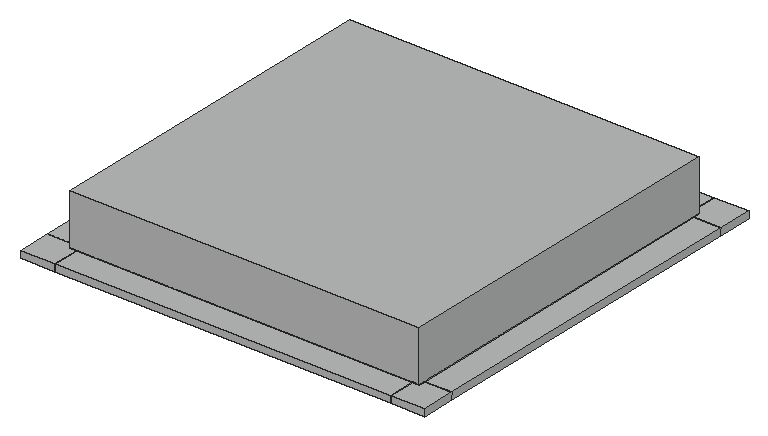
Revit family "ALUMOGIPS", category Осветительные приборы, Revit 2019 (continued)
Types (72, lengths in mm): name | Файл фотометрической сетки | built-in parameter 1150105 | Lumens | built-in parameter 1150106 | built-in parameter 1150142 | Wattage | Emit from Rectangle Width | Emit from Rectangle Length | Длина | Материал светильника | Ширина | ADSK_Ток | ADSK_Полная мощность | ADSK_Обозначение | ADSK_Номинальная мощность | ADSK_Наименование | ADSK_Масса | ADSK_Код изделия
  Alumogips-50/opal-sand 595х595 (IP40, 4000К, серый) | "Светильник ALUMOGIPS-50 OPAL-SAND-(595x595).IES" | 405.85 (stored number, unit not read) | 5100 lm | 4.0585 (stored number, unit not read) | "IESNA:LM-63-95\r\n[TEST] Протокол № 50-14\r\n[DATA] 15.06.2016\r\n[MORE] \r\n[MANUFAC] ЗАО \"Центрстройсвет\"\r\n[LUMCAT]  Светильник ALUMOGIPS-50/OPAL-SAND-(595x595)\r\n[LUMINAIRE]\r\n[LAMPCAT] Светодиоды\r\n[LAMP] Поток источника света (светодиодов) не известен\r\n[MORE] КСС приведена в абсолютных величинах кд\r\n[MORE] Вместо потока лампы, указан поток светильника.\r\nTILT=NONE\r\n1    5060 1.0 37 73 1 2 0.595 0.595 0.04\r\n1.0 1.0 50.3\r\n0.0 5.0 10.0 15.0 20.0 25.0 30.0 35.0 40.0 45.0 50.0 55.0 60.0 65.0 70.0 75.0 80.0 85.0 90.0 95.0 100.0 105.0 110.0 115.0 120.0 125.0 130.0 135.0 140.0 145.0 150.0 155.0 160.0 165.0 170.0 175.0 180.0\r\n0.0 5.0 10.0 15.0 20.0 25.0 30.0 35.0 40.0 45.0 50.0 55.0 60.0 65.0 70.0 75.0 80.0 85.0 90.0 95.0 100.0 105.0 110.0 115.0 120.0 125.0 130.0 135.0 140.0 145.0 150.0 155.0 160.0 165.0 170.0 175.0 180.0 185.0 190.0 195.0 200.0 205.0 210.0 215.0 220.0 225.0 230.0 235.0 240.0 245.0 250.0 255.0 260.0 265.0 270.0 275.0 280.0 285.0 290.0 295.0 300.0 305.0 310.0 315.0 320.0 325.0 330.0 335.0 340.0 345.0 350.0 355.0 360.0\r\n1887.5 1882.3 1843.4 1792.0 1724.0 1631.5 1531.1 1419.3 1293.7 1161.5 1026.7 886.8 740.0 595.0 455.2 319.9 194.6 81.1 4.9 0.0 0.0 0.0 0.0 0.0 0.0 0.0 0.0 0.0 0.0 0.0 0.0 0.0 0.0 0.0 0.0 0.0 0.0\r\n1887.5 1882.9 1846.0 1797.8 1725.1 1630.8 1538.9 1418.0 1289.1 1162.9 1024.5 883.4 740.5 598.7 455.8 320.4 195.7 82.0 5.0 0.0 0.0 0.0 0.0 0.0 0.0 0.0 0.0 0.0 0.0 0.0 0.0 0.0 0.0 0.0 0.0 0.0 0.0\r\n1887.5 1884.1 1849.8 1793.9 1724.1 1633.5 1538.1 1421.4 1298.2 1165.1 1027.4 885.2 742.6 599.8 457.4 322.3 197.1 83.7 5.4 0.0 0.0 0.0 0.0 0.0 0.0 0.0 0.0 0.0 0.0 0.0 0.0 0.0 0.0 0.0 0.0 0.0 0.0\r\n1887.5 1885.6 1850.0 1796.3 1725.8 1632.2 1533.7 1422.0 1295.8 1167.8 1030.8 886.1 743.6 597.9 459.5 322.2 196.9 83.7 5.4 0.0 0.0 0.0 0.0 0.0 0.0 0.0 0.0 0.0 0.0 0.0 0.0 0.0 0.0 0.0 0.0 0.0 0.0\r\n1887.5 1886.5 1849.9 1795.8 1721.4 1639.6 1534.8 1418.0 1296.4 1168.3 1027.2 886.6 744.0 600.2 457.7 323.1 197.0 84.2 5.3 0.0 0.0 0.0 0.0 0.0 0.0 0.0 0.0 0.0 0.0 0.0 0.0 0.0 0.0 0.0 0.0 0.0 0.0\r\n1887.5 1885.6 1848.0 1795.1 1728.2 1636.1 1537.7 1424.4 1296.7 1163.9 1028.1 885.4 746.1 599.2 456.9 323.0 198.1 84.6 6.1 0.0 0.0 0.0 0.0 0.0 0.0 0.0 0.0 0.0 0.0 0.0 0.0 0.0 0.0 0.0 0.0 0.0 0.0\r\n1887.5 1884.2 1849.8 1792.9 1722.3 1637.3 1537.3 1423.8 1299.0 1162.9 1028.1 889.2 746.4 599.2 458.6 325.2 198.7 85.0 6.5 0.0 0.0 0.0 0.0 0.0 0.0 0.0 0.0 0.0 0.0 0.0 0.0 0.0 0.0 0.0 0.0 0.0 0.0\r\n1887.5 1884.0 1850.9 1800.1 1725.4 1633.0 1534.3 1421.2 1294.0 1160.9 1028.3 886.0 747.4 600.7 459.7 325.6 199.2 86.0 6.2 0.0 0.0 0.0 0.0 0.0 0.0 0.0 0.0 0.0 0.0 0.0 0.0 0.0 0.0 0.0 0.0 0.0 0.0\r\n1887.5 1884.0 1850.4 1799.2 1722.9 1634.9 1528.6 1423.0 1298.2 1162.3 1032.0 888.7 743.9 600.7 461.8 326.2 199.2 86.6 6.1 0.0 0.0 0.0 0.0 0.0 0.0 0.0 0.0 0.0 0.0 0.0 0.0 0.0 0.0 0.0 0.0 0.0 0.0\r\n1887.5 1883.3 1848.8 1801.0 1723.6 1638.0 1538.5 1425.1 1297.5 1166.1 1029.5 886.1 746.3 605.4 461.8 326.3 201.2 87.0 6.2 0.0 0.0 0.0 0.0 0.0 0.0 0.0 0.0 0.0 0.0 0.0 0.0 0.0 0.0 0.0 0.0 0.0 0.0\r\n1887.5 1883.3 1850.6 1797.3 1725.8 1637.1 1533.1 1417.5 1298.3 1167.1 1027.2 888.0 746.2 603.2 463.6 327.0 201.7 88.1 6.5 0.0 0.0 0.0 0.0 0.0 0.0 0.0 0.0 0.0 0.0 0.0 0.0 0.0 0.0 0.0 0.0 0.0 0.0\r\n1887.5 1883.7 1849.0 1797.7 1720.9 1638.5 1535.3 1424.4 1299.6 1168.5 1035.4 889.6 749.8 603.4 465.3 328.4 201.8 88.8 7.0 0.0 0.0 0.0 0.0 0.0 0.0 0.0 0.0 0.0 0.0 0.0 0.0 0.0 0.0 0.0 0.0 0.0 0.0\r\n1887.5 1883.1 1852.7 1797.3 1728.6 1639.3 1538.4 1423.7 1303.2 1168.1 1029.2 892.4 748.1 605.8 464.0 329.6 202.9 89.8 7.0 0.0 0.0 0.0 0.0 0.0 0.0 0.0 0.0 0.0 0.0 0.0 0.0 0.0 0.0 0.0 0.0 0.0 0.0\r\n1887.5 1881.9 1853.7 1798.9 1724.8 1637.5 1543.5 1423.8 1299.9 1170.3 1024.3 891.2 751.8 607.8 466.0 330.6 204.5 90.0 7.3 0.0 0.0 0.0 0.0 0.0 0.0 0.0 0.0 0.0 0.0 0.0 0.0 0.0 0.0 0.0 0.0 0.0 0.0\r\n1887.5 1881.8 1854.7 1797.4 1729.6 1638.4 1538.7 1420.0 1302.3 1168.1 1034.9 892.9 749.2 609.3 467.3 330.5 205.3 90.4 7.7 0.0 0.0 0.0 0.0 0.0 0.0 0.0 0.0 0.0 0.0 0.0 0.0 0.0 0.0 0.0 0.0 0.0 0.0\r\n1887.5 1882.8 1852.5 1798.1 1725.4 1641.5 1535.9 1424.2 1305.0 1168.3 1036.9 895.1 752.7 610.0 468.0 330.8 206.4 91.1 7.9 0.0 0.0 0.0 0.0 0.0 0.0 0.0 0.0 0.0 0.0 0.0 0.0 0.0 0.0 0.0 0.0 0.0 0.0\r\n1887.5 1883.6 1853.4 1797.0 1722.9 1639.1 1537.8 1429.0 1302.2 1172.5 1035.6 896.5 751.3 608.9 469.2 331.4 207.3 92.2 8.2 0.0 0.0 0.0 0.0 0.0 0.0 0.0 0.0 0.0 0.0 0.0 0.0 0.0 0.0 0.0 0.0 0.0 0.0\r\n1887.5 1883.6 1850.7 1797.3 1726.9 1643.9 1542.2 1421.1 1302.3 1173.9 1036.7 893.3 752.7 610.7 470.3 331.8 207.5 92.8 8.4 0.0 0.0 0.0 0.0 0.0 0.0 0.0 0.0 0.0 0.0 0.0 0.0 0.0 0.0 0.0 0.0 0.0 0.0\r\n1887.5 1883.8 1850.5 1796.3 1728.7 1637.1 1539.6 1426.0 1310.2 1175.1 1036.5 895.8 754.0 609.7 469.6 332.7 208.2 93.1 8.5 0.0 0.0 0.0 0.0 0.0 0.0 0.0 0.0 0.0 0.0 0.0 0.0 0.0 0.0 0.0 0.0 0.0 0.0\r\n1887.5 1884.5 1848.7 1798.4 1728.4 1643.0 1541.1 1424.4 1306.1 1175.6 1035.2 895.7 753.2 610.0 470.1 333.6 209.0 93.8 8.7 0.0 0.0 0.0 0.0 0.0 0.0 0.0 0.0 0.0 0.0 0.0 0.0 0.0 0.0 0.0 0.0 0.0 0.0\r\n1887.5 1885.1 1846.5 1798.1 1728.3 1640.7 1538.4 1422.5 1302.2 1173.0 1035.2 900.5 754.9 610.9 470.6 333.2 208.6 94.1 8.3 0.0 0.0 0.0 0.0 0.0 0.0 0.0 0.0 0.0 0.0 0.0 0.0 0.0 0.0 0.0 0.0 0.0 0.0\r\n1887.5 1884.8 1851.0 1798.1 1730.2 1643.2 1541.6 1426.4 1303.3 1176.2 1035.7 896.2 754.5 612.8 472.6 334.1 209.1 94.5 8.3 0.0 0.0 0.0 0.0 0.0 0.0 0.0 0.0 0.0 0.0 0.0 0.0 0.0 0.0 0.0 0.0 0.0 0.0\r\n1887.5 1884.2 1851.7 1798.5 1729.5 1639.1 1536.0 1425.2 1302.7 1175.5 1036.5 898.0 758.2 612.7 468.9 335.3 208.8 94.8 9.1 0.0 0.0 0.0 0.0 0.0 0.0 0.0 0.0 0.0 0.0 0.0 0.0 0.0 0.0 0.0 0.0 0.0 0.0\r\n1887.5 1883.1 1853.9 1797.7 1724.9 1639.7 1541.8 1430.1 1304.9 1168.5 1037.8 897.4 754.1 610.4 472.0 334.6 209.1 95.3 8.8 0.0 0.0 0.0 0.0 0.0 0.0 0.0 0.0 0.0 0.0 0.0 0.0 0.0 0.0 0.0 0.0 0.0 0.0\r\n1887.5 1881.5 1850.2 1795.2 1729.7 1647.3 1540.3 1425.3 1308.1 1174.1 1040.2 896.3 755.4 612.5 470.5 335.6 209.7 95.4 8.7 0.0 0.0 0.0 0.0 0.0 0.0 0.0 0.0 0.0 0.0 0.0 0.0 0.0 0.0 0.0 0.0 0.0 0.0\r\n1887.5 1880.4 1847.4 1795.8 1726.1 1638.7 1541.7 1429.3 1302.6 1175.9 1038.5 897.9 751.3 611.6 471.1 335.6 209.6 95.3 9.2 0.0 0.0 0.0 0.0 0.0 0.0 0.0 0.0 0.0 0.0 0.0 0.0 0.0 0.0 0.0 0.0 0.0 0.0\r\n1887.5 1880.0 1850.3 1797.1 1726.4 1643.3 1536.0 1421.3 1303.6 1171.4 1038.6 895.9 755.7 612.4 470.9 336.2 208.7 95.8 9.1 0.0 0.0 0.0 0.0 0.0 0.0 0.0 0.0 0.0 0.0 0.0 0.0 0.0 0.0 0.0 0.0 0.0 0.0\r\n1887.5 1879.1 1850.7 1799.2 1725.1 1639.6 1536.4 1428.4 1302.2 1172.1 1033.4 895.3 754.1 612.8 470.7 335.5 209.1 96.7 9.0 0.0 0.0 0.0 0.0 0.0 0.0 0.0 0.0 0.0 0.0 0.0 0.0 0.0 0.0 0.0 0.0 0.0 0.0\r\n1887.5 1876.9 1845.6 1794.8 1724.8 1637.8 1537.7 1427.7 1305.4 1174.0 1036.9 896.0 755.2 613.5 471.4 337.3 209.9 96.1 9.4 0.0 0.0 0.0 0.0 0.0 0.0 0.0 0.0 0.0 0.0 0.0 0.0 0.0 0.0 0.0 0.0 0.0 0.0\r\n1887.5 1874.8 1849.0 1796.1 1725.5 1644.7 1539.3 1422.3 1296.7 1172.6 1036.6 895.8 752.9 610.2 470.9 336.1 209.8 95.5 9.5 0.0 0.0 0.0 0.0 0.0 0.0 0.0 0.0 0.0 0.0 0.0 0.0 0.0 0.0 0.0 0.0 0.0 0.0\r\n1887.5 1874.3 1850.7 1796.1 1722.3 1643.7 1535.4 1426.2 1297.3 1169.2 1033.9 896.5 756.1 608.4 469.6 336.8 208.8 95.7 9.0 0.0 0.0 0.0 0.0 0.0 0.0 0.0 0.0 0.0 0.0 0.0 0.0 0.0 0.0 0.0 0.0 0.0 0.0\r\n1887.5 1875.0 1847.6 1795.2 1726.0 1637.4 1538.8 1422.8 1302.3 1167.3 1031.4 892.2 753.9 609.3 470.2 335.4 209.4 95.6 9.2 0.0 0.0 0.0 0.0 0.0 0.0 0.0 0.0 0.0 0.0 0.0 0.0 0.0 0.0 0.0 0.0 0.0 0.0\r\n1887.5 1876.2 1846.7 1797.0 1722.9 1632.1 1531.8 1428.4 1297.9 1173.0 1032.8 893.5 750.3 609.2 468.7 334.5 208.8 95.2 9.5 0.0 0.0 0.0 0.0 0.0 0.0 0.0 0.0 0.0 0.0 0.0 0.0 0.0 0.0 0.0 0.0 0.0 0.0\r\n1887.5 1877.0 1845.0 1799.0 1728.3 1642.0 1532.1 1422.0 1297.5 1176.2 1034.8 896.4 752.7 609.9 470.0 333.7 209.6 95.2 9.1 0.0 0.0 0.0 0.0 0.0 0.0 0.0 0.0 0.0 0.0 0.0 0.0 0.0 0.0 0.0 0.0 0.0 0.0\r\n1887.5 1876.9 1842.6 1790.6 1724.9 1639.4 1536.1 1422.9 1304.1 1169.6 1035.5 895.3 751.4 609.1 469.0 332.6 209.1 95.1 9.2 0.0 0.0 0.0 0.0 0.0 0.0 0.0 0.0 0.0 0.0 0.0 0.0 0.0 0.0 0.0 0.0 0.0 0.0\r\n1887.5 1875.7 1845.4 1794.6 1719.6 1634.8 1535.6 1422.6 1301.8 1167.1 1036.6 892.0 752.3 605.8 469.0 332.7 209.1 93.9 9.3 0.0 0.0 0.0 0.0 0.0 0.0 0.0 0.0 0.0 0.0 0.0 0.0 0.0 0.0 0.0 0.0 0.0 0.0\r\n1887.5 1874.6 1846.6 1791.0 1719.4 1631.6 1534.3 1422.3 1303.5 1171.6 1032.3 893.0 750.0 606.5 467.5 330.0 206.4 92.9 8.4 0.0 0.0 0.0 0.0 0.0 0.0 0.0 0.0 0.0 0.0 0.0 0.0 0.0 0.0 0.0 0.0 0.0 0.0\r\n1887.5 1874.0 1843.1 1789.6 1720.6 1639.4 1534.3 1424.0 1300.8 1168.1 1030.2 892.1 748.2 609.2 467.1 330.4 206.0 92.1 7.9 0.0 0.0 0.0 0.0 0.0 0.0 0.0 0.0 0.0 0.0 0.0 0.0 0.0 0.0 0.0 0.0 0.0 0.0\r\n1887.5 1873.5 1842.4 1792.6 1720.8 1633.5 1535.7 1423.0 1296.8 1165.4 1028.6 890.9 749.2 606.9 466.1 329.8 204.3 90.7 7.8 0.0 0.0 0.0 0.0 0.0 0.0 0.0 0.0 0.0 0.0 0.0 0.0 0.0 0.0 0.0 0.0 0.0 0.0\r\n1887.5 1872.5 1843.5 1792.8 1719.4 1633.2 1530.8 1420.9 1295.9 1169.4 1030.4 892.0 748.4 604.3 464.0 329.4 203.7 91.1 7.3 0.0 0.0 0.0 0.0 0.0 0.0 0.0 0.0 0.0 0.0 0.0 0.0 0.0 0.0 0.0 0.0 0.0 0.0\r\n1887.5 1871.5 1840.6 1788.3 1723.9 1633.4 1533.4 1417.1 1296.6 1165.6 1026.8 888.1 749.6 603.5 465.6 328.3 203.4 90.8 6.9 0.0 0.0 0.0 0.0 0.0 0.0 0.0 0.0 0.0 0.0 0.0 0.0 0.0 0.0 0.0 0.0 0.0 0.0\r\n1887.5 1871.7 1837.5 1793.8 1715.8 1634.9 1538.0 1424.6 1298.1 1167.0 1028.0 888.7 747.9 603.5 465.2 327.9 201.8 90.2 7.0 0.0 0.0 0.0 0.0 0.0 0.0 0.0 0.0 0.0 0.0 0.0 0.0 0.0 0.0 0.0 0.0 0.0 0.0\r\n1887.5 1872.9 1840.2 1791.1 1722.4 1635.7 1532.7 1420.2 1295.0 1159.5 1029.1 888.4 746.9 600.5 462.3 328.7 201.0 90.1 6.9 0.0 0.0 0.0 0.0 0.0 0.0 0.0 0.0 0.0 0.0 0.0 0.0 0.0 0.0 0.0 0.0 0.0 0.0\r\n1887.5 1873.3 1840.5 1789.1 1721.5 1635.7 1530.6 1419.0 1297.0 1164.6 1027.8 889.2 744.1 604.1 463.3 327.1 201.1 89.2 6.4 0.0 0.0 0.0 0.0 0.0 0.0 0.0 0.0 0.0 0.0 0.0 0.0 0.0 0.0 0.0 0.0 0.0 0.0\r\n1887.5 1872.9 1835.7 1788.5 1722.3 1636.7 1534.0 1423.0 1296.7 1161.9 1026.4 886.9 745.3 601.5 461.8 326.2 200.5 88.4 6.3 0.0 0.0 0.0 0.0 0.0 0.0 0.0 0.0 0.0 0.0 0.0 0.0 0.0 0.0 0.0 0.0 0.0 0.0\r\n1887.5 1872.6 1838.3 1791.1 1724.9 1630.4 1531.8 1419.7 1295.3 1168.5 1027.5 880.9 745.5 601.1 461.5 326.5 199.4 87.5 6.3 0.0 0.0 0.0 0.0 0.0 0.0 0.0 0.0 0.0 0.0 0.0 0.0 0.0 0.0 0.0 0.0 0.0 0.0\r\n1887.5 1872.8 1840.3 1789.2 1719.5 1633.6 1532.6 1417.6 1294.5 1165.4 1020.8 885.7 745.3 602.2 460.4 324.3 199.3 87.3 6.1 0.0 0.0 0.0 0.1 0.2 0.0 0.0 0.0 0.0 0.0 0.0 0.0 0.0 0.0 0.0 0.0 0.0 0.0\r\n1887.5 1873.5 1838.6 1790.7 1722.3 1630.8 1530.5 1417.1 1295.0 1167.0 1025.9 884.6 740.9 599.5 459.4 323.2 199.3 86.7 5.7 0.0 0.0 0.0 0.2 0.4 0.0 0.0 0.0 0.0 0.0 0.0 0.0 0.0 0.0 0.0 0.0 0.0 0.0\r\n1887.5 1874.2 1837.3 1789.5 1719.1 1630.4 1533.5 1417.9 1293.0 1161.5 1026.6 886.5 743.5 600.4 460.1 323.6 198.7 86.1 5.9 0.0 0.0 0.0 0.4 0.6 0.0 0.0 0.0 0.0 0.0 0.0 0.0 0.0 0.0 0.0 0.0 0.0 0.0\r\n1887.5 1874.2 1840.2 1789.0 1715.5 1634.9 1530.0 1416.2 1292.8 1158.2 1025.3 884.7 740.5 599.4 458.3 323.4 197.9 85.3 5.9 0.0 0.0 0.0 0.4 0.9 0.0 0.0 0.0 0.0 0.1 0.0 0.0 0.0 0.0 0.0 0.0 0.0 0.0\r\n1887.5 1873.3 1839.1 1789.1 1718.1 1638.7 1537.0 1412.2 1291.9 1164.4 1026.0 883.3 742.8 598.7 456.7 321.5 197.8 84.6 5.7 0.0 0.0 0.0 0.2 0.8 0.0 0.0 0.0 0.0 0.1 0.0 0.0 0.0 0.0 0.0 0.0 0.0 0.0\r\n1887.5 1872.3 1839.4 1787.8 1714.0 1633.5 1527.1 1417.7 1293.5 1164.9 1025.5 883.9 738.3 599.4 457.0 320.6 197.3 83.5 5.9 0.0 0.0 0.0 0.0 0.1 0.2 0.0 0.0 0.0 0.1 0.0 0.0 0.0 0.0 0.0 0.0 0.0 0.0\r\n1887.5 1871.5 1840.6 1789.0 1716.8 1627.7 1530.9 1417.4 1291.4 1158.2 1021.7 888.3 739.3 596.4 457.7 320.6 196.6 83.1 5.8 0.0 0.0 0.0 0.0 0.0 0.0 0.0 0.0 0.0 0.1 0.0 0.0 0.0 0.0 0.0 0.0 0.0 0.0\r\n1887.5 1871.2 1839.5 1788.7 1714.7 1630.8 1533.3 1417.2 1290.6 1154.1 1021.7 884.9 739.3 596.6 457.4 319.4 195.8 83.0 5.3 0.0 0.0 0.0 0.0 0.0 0.0 0.0 0.0 0.0 0.1 0.0 0.0 0.0 0.0 0.0 0.0 0.0 0.0\r\n1887.5 1871.6 1839.7 1787.9 1720.6 1630.8 1533.9 1416.2 1290.9 1158.9 1021.9 880.6 741.2 596.3 457.0 320.0 195.2 82.5 4.7 0.0 0.0 0.0 0.0 0.0 0.0 0.0 0.0 0.0 0.1 0.0 0.0 0.0 0.0 0.0 0.0 0.0 0.0\r\n1887.5 1872.3 1838.1 1789.3 1712.9 1625.9 1525.4 1417.2 1291.8 1157.6 1020.0 883.4 740.0 594.9 454.8 318.6 194.2 81.9 4.7 0.0 0.0 0.0 0.0 0.0 0.0 0.0 0.0 0.0 0.1 0.0 0.0 0.0 0.0 0.0 0.0 0.0 0.0\r\n1887.5 1872.7 1839.6 1789.3 1718.6 1629.9 1525.5 1419.8 1293.5 1154.0 1020.1 878.8 736.9 593.7 456.1 318.4 193.6 81.4 4.3 0.0 0.0 0.0 0.0 0.0 0.0 0.0 0.0 0.0 0.1 0.0 0.0 0.0 0.0 0.0 0.0 0.0 0.0\r\n1887.5 1873.0 1840.9 1790.2 1716.4 1630.3 1526.9 1414.6 1285.9 1157.6 1025.3 882.6 736.3 594.0 453.5 317.4 193.8 80.8 3.8 0.0 0.0 0.0 0.0 0.0 0.0 0.0 0.0 0.0 0.1 0.0 0.0 0.0 0.0 0.0 0.0 0.0 0.0\r\n1887.5 1873.5 1841.2 1787.5 1718.4 1634.0 1528.6 1409.6 1285.8 1155.5 1025.3 876.4 735.1 594.3 453.7 316.4 192.5 80.5 4.0 0.0 0.0 0.0 0.0 0.0 0.0 0.0 0.0 0.0 0.1 0.0 0.0 0.0 0.0 0.0 0.0 0.0 0.0\r\n1887.5 1873.9 1841.6 1790.0 1717.7 1629.1 1528.0 1409.8 1288.0 1151.6 1019.8 875.9 736.5 592.3 451.8 318.0 191.7 80.2 4.0 0.0 0.0 0.0 0.0 0.0 0.0 0.0 0.0 0.0 0.0 0.0 0.0 0.0 0.0 0.0 0.0 0.0 0.0\r\n1887.5 1874.1 1841.0 1789.7 1717.2 1630.1 1529.9 1419.7 1290.4 1156.3 1022.8 880.3 733.7 593.5 452.4 316.0 191.3 79.4 3.9 0.0 0.0 0.0 0.0 0.0 0.0 0.0 0.0 0.0 0.0 0.0 0.0 0.0 0.0 0.0 0.0 0.0 0.0\r\n1887.5 1874.1 1840.2 1785.0 1714.5 1629.4 1527.7 1411.7 1290.1 1153.6 1017.8 879.3 733.8 592.9 451.3 315.7 191.7 79.2 4.4 0.0 0.0 0.0 0.0 0.0 0.0 0.0 0.0 0.0 0.0 0.0 0.0 0.0 0.0 0.0 0.0 0.0 0.0\r\n1887.5 1873.8 1839.2 1790.0 1722.6 1631.3 1526.9 1414.1 1288.6 1158.0 1021.7 880.4 735.8 589.7 453.5 315.5 191.2 78.9 4.5 0.0 0.0 0.0 0.0 0.0 0.0 0.0 0.0 0.0 0.0 0.0 0.0 0.0 0.0 0.0 0.0 0.0 0.0\r\n1887.5 1874.4 1838.4 1789.0 1718.1 1628.9 1522.6 1413.3 1284.8 1161.1 1020.5 878.5 734.8 593.7 450.4 316.4 190.5 79.1 4.3 0.0 0.0 0.0 0.0 0.0 0.0 0.0 0.0 0.0 0.0 0.0 0.0 0.0 0.0 0.0 0.0 0.0 0.0\r\n1887.5 1876.6 1839.3 1788.5 1718.4 1632.2 1524.7 1416.3 1290.0 1154.1 1020.6 876.5 736.6 594.2 448.6 316.5 189.8 78.5 4.1 0.0 0.0 0.0 0.0 0.0 0.0 0.0 0.0 0.0 0.0 0.0 0.0 0.0 0.0 0.0 0.0 0.0 0.0\r\n1887.5 1878.7 1842.1 1786.9 1714.7 1629.1 1527.4 1410.5 1293.4 1160.9 1018.3 878.4 735.0 594.0 451.4 313.5 190.7 78.3 3.7 0.0 0.0 0.0 0.0 0.0 0.0 0.0 0.0 0.0 0.0 0.0 0.0 0.0 0.0 0.0 0.0 0.0 0.0\r\n1887.5 1879.5 1841.9 1788.6 1717.1 1632.6 1529.5 1414.0 1286.1 1155.2 1023.1 878.2 734.9 591.7 452.9 315.4 190.4 78.3 3.4 0.0 0.0 0.0 0.0 0.0 0.0 0.0 0.0 0.0 0.0 0.0 0.0 0.0 0.0 0.0 0.0 0.0 0.0\r\n1887.5 1879.6 1839.7 1792.9 1715.8 1629.7 1529.6 1414.5 1293.2 1154.7 1019.1 880.1 734.7 589.5 450.3 315.4 190.2 78.5 3.7 0.0 0.0 0.0 0.0 0.0 0.0 0.0 0.0 0.0 0.0 0.0 0.0 0.0 0.0 0.0 0.0 0.0 0.0\r\n1887.5 1880.2 1841.8 1793.1 1721.7 1625.7 1529.1 1413.3 1291.5 1156.5 1017.9 882.6 737.0 593.8 452.9 315.8 189.7 78.7 3.6 0.0 0.0 0.0 0.0 0.0 0.0 0.0 0.0 0.0 0.0 0.0 0.0 0.0 0.0 0.0 0.0 0.0 0.0\r\n1887.5 1881.1 1842.4 1785.9 1716.3 1632.5 1528.4 1410.2 1289.5 1156.3 1018.9 875.2 736.4 595.3 452.5 315.3 191.0 79.0 3.5 0.0 0.0 0.0 0.0 0.0 0.0 0.0 0.0 0.0 0.0 0.0 0.0 0.0 0.0 0.0 0.0 0.0 0.0\r\n1887.5 1881.7 1845.0 1794.4 1714.9 1633.8 1528.0 1412.9 1290.1 1152.0 1023.1 875.3 736.1 593.0 453.1 316.0 191.8 79.6 3.9 0.0 0.0 0.0 0.0 0.0 0.0 0.0 0.0 0.0 0.0 0.0 0.0 0.0 0.0 0.0 0.0 0.0 0.0\r\n1887.5 1882.0 1844.3 1789.1 1721.3 1636.2 1528.4 1415.3 1289.9 1160.9 1019.9 882.0 736.6 593.6 453.1 317.2 192.7 80.3 4.5 0.0 0.0 0.0 0.0 0.0 0.0 0.0 0.0 0.0 0.0 0.0 0.0 0.0 0.0 0.0 0.0 0.0 0.0\r\n1887.5 1882.3 1843.4 1792.0 1724.0 1631.5 1531.1 1419.3 1293.7 1161.5 1026.7 886.8 740.0 595.0 455.2 319.9 194.6 81.1 4.9 0.0 0.0 0.0 0.0 0.0 0.0 0.0 0.0 0.0 0.0 0.0 0.0 0.0 0.0 0.0 0.0 0.0 0.0\r\n" | 34.3337 W | 575 | 575 | 595 | RAL 9006 | 595 | 0.236295 A | 54.3478 VA | "Alumogips-50/opal-sand 595х595 (IP40, 4000К, серый)" | 50 W | "Встраиваемый светодиодный
     светильник Alumogips-50/opal-sand 595х595 (IP40, 4000К, серый)" | 2.5 | "ЦБ000006727"
